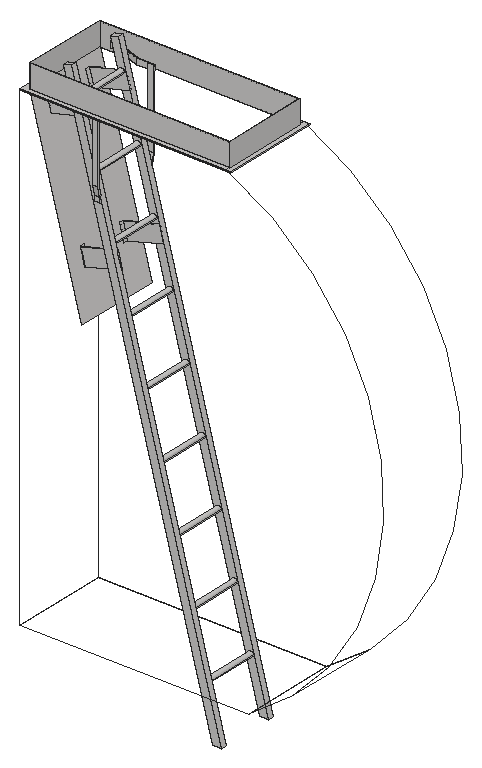
Revit family "SpecEquip_SAYFA_Ladder_Vista Compact", category Specialty Equipment, Revit 2015
Parameters (values of type "3100mm Floor to Ceiling Height")
  URL = "http://www.sayfa.com.au/"
  Type Comments = "Vista Compact Ladder"  # constant formula
  Rung Width [instance] = 312 mm  # constant formula
  Rung Spacing [instance] = 300 mm  # constant formula
  Required Space [instance] = yes
  Open Ladder [instance] = not([Ceiling Ladder Closed/Open])  # yes
  Model = "LD462 Compact"  # constant formula
  Material_ANZRS = z_Sayfa_Metal_Steel
  Manufacturer_Overall Width [instance] = 1230 mm  # constant formula
  Manufacturer_URL__Product Specific = "http://sayfa.com.au/products/fold-down-ladder-systems/"
  Manufacturer_Spec Code = Model  # "LD462 Compact"
  Manufacturer_Overall Height [instance] = if([Floor to Ceiling Height (B)] < 2400 mm, 2400 mm, if([Floor to Ceiling Height (B)] > 3200 mm, 3200 mm, [Floor to Ceiling Height (B)]))  # 3100 mm
  Manufacturer_Overall Depth [instance] = 570 mm  # constant formula
  Manufacturer_Height From FFL [instance] = 0 mm
  Manufacturer = "Sayfa"  # constant formula
  Keynote = ""
  Description = "Vista Ladder Compact"  # constant formula
  CreatedBy_ANZRS = "UNIFI Labs"  # constant formula
  CreatedByURL_ANZRS = "http://www.unifilabs.com/"
  Ceiling Ladder Closed/Open [instance] = no
  Ceiling Thickness [instance] = 75 mm
  Ladder Offset (B1) [instance] = 266.5 mm + (Manufacturer_Overall Height / tan(75.00°))  # 1097.142 mm
  Floor to Ceiling Height (B) [instance] = 3100 mm
  Assembly Code = ""
  Array no [instance] = (Manufacturer_Overall Height - 300 mm) / Rung Spacing  # 9
Types (8, lengths in mm): name | Manufacturer_Overall Height | Ladder Offset (B1) | Floor to Ceiling Height (B) | Array no
  2700mm Floor to Ceiling Height | 2700 | 989.963 | 2700 | 8
  2400mm Floor to Ceiling Height | 2400 | 909.578 | 2400 | 7
  2500mm Floor to Ceiling Height | 2500 | 936.373 | 2500 | 7
  2600mm Floor to Ceiling Height | 2600 | 963.168 | 2600 | 8
  2800mm Floor to Ceiling Height | 2800 | 1016.758 | 2800 | 8
  2900mm Floor to Ceiling Height | 2900 | 1043.553 | 2900 | 9
  3000mm Floor to Ceiling Height | 3000 | 1070.348 | 3000 | 9
  3100mm Floor to Ceiling Height | 3100 | 1097.142 | 3100 | 9
Reference planes
  plane 1 "Back": y = -515
  plane 2 "Ref. Level": z = 0
  plane 3 "Center (Left/Right)": x = -440
  plane 4 "Top": z = 3100
  plane 5 "Bottom": z = 0
  plane 6 "Front": y = -1085
  plane 7 "Center (Front/Back)": y = -800
  plane 8 "Left": x = -1055
  plane 9 "Right": x = 175
  plane 10 "Ladder Reference": x = 42.142
  plane 11 "Ladder Offset 2": y = -644
  plane 12 "Ladder Offset 1": y = -956
  plane 13 "Bottom Trade": z = 300
  plane 14 "Trade Reference": x = -62.858
  plane 15 "Back Offset": y = -548
  plane 16 "Front Offset": y = -1052
  plane 17 "Top of Ceiling": z = 3175
  plane 18 "Top of Frame": z = 3233
Forms (mm)
  Sweep 1, solid, material "z_Sayfa_Metal_Steel" <- "Material_ANZRS", detail levels medium+fine
    path origin (0, 0, 3100) x (-1, 0, 0) y (0, -1, 0)
      loop
        line (-145, 545) -> (1025, 545) -> (1025, 1055) -> (-145, 1055) -> (-145, 545)
    profile origin (-440, -545, 3100) x (0, -1, 0) y (0, 0, 1)
      loop
        line (-30, 0) -> (-30, -3) -> (3, -3) -> (3, 133) -> (0, 133) -> (0, 0) -> (-30, 0)
  Extrusion 2, solid, material "z_Sayfa_Metal_Steel" <- "Material_ANZRS", visible <- "Open Ladder", detail levels medium+fine
    sketch origin (-1580.316, -956, 4000) x (-1, 0, 0) y (0, 0, -1)
      loop
        line (-1622.459, 4000) -> (-791.853, 900) -> (-740.089, 900) -> (-1570.695, 4000) -> (-1622.459, 4000)
    from 0 to 30
  Extrusion 3, solid, material "z_Sayfa_Metal_Steel" <- "Material_ANZRS", visible <- "Open Ladder", detail levels medium+fine
    sketch origin (-1580.316, -644, 4000) x (-1, 0, 0) y (0, 0, 1)
      loop
        line (-1622.459, -4000) -> (-1570.695, -4000) -> (-740.089, -900) -> (-791.853, -900) -> (-1622.459, -4000)
    from 0 to 30
  Extrusion 4, solid, material "z_Sayfa_Metal_Steel" <- "Material_ANZRS", visible <- "Open Ladder", detail levels medium+fine
    sketch origin (42.142, -800, 0) x (-0.258808, 0, 0.965929) y (-0.965929, 0, -0.258808)
      loop
        line (2100.564, 225.478) -> (3270.564, 225.478) -> (3270.564, 228.477) -> (2100.564, 228.477) -> (2100.564, 225.478)
    from -252 to 252
  Extrusion 5, solid, material "z_Sayfa_Metal_Steel" <- "Material_ANZRS", visible <- "Open Ladder", detail levels fine
    sketch origin (42.142, -800, 0) x (-0.258808, 0, 0.965929) y (-0.965929, 0, -0.258808)
      loop
        line (2450.564, 225.478) -> (2350.564, 225.478) -> (2350.564, 0) -> (2450.564, 0) -> (2450.564, 225.478)
      loop
        line (3209.347, 225.478) -> (3109.347, 225.478) -> (3109.347, 0) -> (3209.347, 0) -> (3209.347, 225.478)
    from 153 to 156
  Extrusion 6, solid, material "z_Sayfa_Metal_Steel" <- "Material_ANZRS", visible <- "Open Ladder", detail levels fine
    sketch origin (42.142, -800, 0) x (-0.258808, 0, 0.965929) y (-0.965929, 0, -0.258808)
      loop
        line (2450.564, 225.478) -> (2350.564, 225.478) -> (2350.564, 0) -> (2450.564, 0) -> (2450.564, 225.478)
      loop
        line (3209.347, 225.478) -> (3109.347, 225.478) -> (3109.347, 0) -> (3209.347, 0) -> (3209.347, 225.478)
    from -156 to -153
  Extrusion 7, solid, material "z_Sayfa_Metal_Steel" <- "Material_ANZRS", visible <- "Open Ladder", detail levels fine
    sketch origin (42.142, -800, 0) x (-0.258808, 0, 0.965929) y (-0.965929, 0, -0.258808)
      loop
        line (2350.564, 225.478) -> (2350.564, 222.478) -> (2450.564, 222.478) -> (2450.564, 225.478) -> (2350.564, 225.478)
      loop
        line (3109.347, 225.478) -> (3109.347, 222.478) -> (3209.347, 222.478) -> (3209.347, 225.478) -> (3109.347, 225.478)
    from 131 to 156
  Extrusion 8, solid, material "z_Sayfa_Metal_Steel" <- "Material_ANZRS", visible <- "Open Ladder", detail levels fine
    sketch origin (42.142, -800, 0) x (-0.258808, 0, 0.965929) y (-0.965929, 0, -0.258808)
      loop
        line (2350.564, 225.478) -> (2350.564, 222.478) -> (2450.564, 222.478) -> (2450.564, 225.478) -> (2350.564, 225.478)
      loop
        line (3109.347, 225.478) -> (3109.347, 222.478) -> (3209.347, 222.478) -> (3209.347, 225.478) -> (3109.347, 225.478)
    from -156 to -131
  Extrusion 9, solid, material "z_Sayfa_Metal_Steel" <- "Material_ANZRS", visible <- "Open Ladder", detail levels fine
    sketch origin (-1055, 0, 0) x (0, 1, 0) y (0, 0, 1)
      loop
        line (-989, 2600) -> (-986, 2600) -> (-986, 2630) -> (-1001, 2692.201) -> (-1001, 3150) -> (-1004, 3150) -> (-1004, 2691.806) -> (-989, 2629.605) -> (-989, 2600)
      loop
        line (-611, 2600) -> (-611, 2629.605) -> (-596, 2691.806) -> (-596, 3150) -> (-599, 3150) -> (-599, 2692.201) -> (-614, 2630) -> (-614, 2600) -> (-611, 2600)
    from 357.634 to 390.505
  Extrusion 10, solid, material "z_Sayfa_Metal_Steel" <- "Material_ANZRS", visible <- "Open Ladder", detail levels fine
    sketch origin (0, 0, 3100) x (-1, 0, 0) y (0, -1, 0)
      loop
        line (955, 1052) -> (896.165, 1052) -> (763.632, 1007) -> (664.495, 1007) -> (664.495, 1004) -> (763.632, 1004) -> (896.165, 1049) -> (955, 1049) -> (955, 1052)
      loop
        line (955, 548) -> (955, 551) -> (896.165, 551) -> (763.632, 596) -> (664.495, 596) -> (664.495, 593) -> (763.632, 593) -> (896.165, 548) -> (955, 548)
    from 17 to 50
  Extrusion 11, solid, material "z_Sayfa_Metal_Steel" <- "Material_ANZRS", visible <- "Open Ladder", detail levels medium+fine
    sketch origin (-1580.316, -956, 4000) x (-1, 0, 0) y (0, 0, -1)
      loop
        line (-791.853, 900) -> (-748.835, 739.446) -> (-700.538, 752.386) -> (-740.089, 900) -> (-791.853, 900)
    from 0 to 30
  Extrusion 12, solid, material "z_Sayfa_Metal_Steel" <- "Material_ANZRS", visible <- "Open Ladder", detail levels medium+fine
    sketch origin (-1580.316, -644, 4000) x (-1, 0, 0) y (0, 0, 1)
      loop
        line (-791.853, -900) -> (-740.089, -900) -> (-700.538, -752.386) -> (-748.835, -739.446) -> (-791.853, -900)
    from 0 to 30
  Extrusion 13, solid, material "z_Sayfa_Metal_Steel" <- "Material_ANZRS", visible <- "Ceiling Ladder Closed/Open", detail levels medium+fine
    sketch origin (0, 0, 3100) x (-1, 0, 0) y (0, -1, 0)
      loop
        line (1022, 548) -> (1022, 1052) -> (-142, 1052) -> (-142, 548) -> (1022, 548)
    from -3 to 0
  Extrusion 14, solid, material "z_Sayfa_Metal_Steel" <- "Material_ANZRS", visible <- "Ceiling Ladder Closed/Open", detail levels medium+fine
    sketch origin (0, 0, 3100) x (-1, 0, 0) y (0, -1, 0)
      loop
        line (1006.259, 644) -> (-127, 644) -> (-127, 614) -> (1006.259, 614) -> (1006.259, 644)
    from 295 to 345
  Extrusion 15, solid, material "z_Sayfa_Metal_Steel" <- "Material_ANZRS", visible <- "Ceiling Ladder Closed/Open", detail levels medium+fine
    sketch origin (0, 0, 3100) x (-1, 0, 0) y (0, -1, 0)
      loop
        line (1006.259, 644) -> (-127, 644) -> (-127, 614) -> (1006.259, 614) -> (1006.259, 644)
    from 235 to 285
  Extrusion 16, solid, material "z_Sayfa_Metal_Steel" <- "Material_ANZRS", visible <- "Ceiling Ladder Closed/Open", detail levels medium+fine
    sketch origin (0, 0, 3100) x (-1, 0, 0) y (0, -1, 0)
      loop
        line (1006.259, 644) -> (-127, 644) -> (-127, 614) -> (1006.259, 614) -> (1006.259, 644)
    from 175 to 225
  Extrusion 17, solid, material "z_Sayfa_Metal_Steel" <- "Material_ANZRS", visible <- "Ceiling Ladder Closed/Open", detail levels medium+fine
    sketch origin (0, -1600, 3100) x (-1, 0, 0) y (0, -1, 0)
      loop
        line (1006.259, -644) -> (1006.259, -614) -> (-127, -614) -> (-127, -644) -> (1006.259, -644)
    from 295 to 345
  Extrusion 18, solid, material "z_Sayfa_Metal_Steel" <- "Material_ANZRS", visible <- "Ceiling Ladder Closed/Open", detail levels medium+fine
    sketch origin (0, -1600, 3100) x (-1, 0, 0) y (0, -1, 0)
      loop
        line (1006.259, -644) -> (1006.259, -614) -> (-127, -614) -> (-127, -644) -> (1006.259, -644)
    from 235 to 285
  Extrusion 19, solid, material "z_Sayfa_Metal_Steel" <- "Material_ANZRS", visible <- "Ceiling Ladder Closed/Open", detail levels medium+fine
    sketch origin (0, -1600, 3100) x (-1, 0, 0) y (0, -1, 0)
      loop
        line (1006.259, -644) -> (1006.259, -614) -> (-127, -614) -> (-127, -644) -> (1006.259, -644)
    from 175 to 225
  Extrusion 20, solid, material "z_Sayfa_Metal_Steel" <- "Material_ANZRS", visible <- "Ceiling Ladder Closed/Open", detail levels medium+fine
    sketch origin (0, -800, 0) x (1, 0, 0) y (0, 0, 1)
      loop
        line (42.142, 3315) -> (37.271, 3315)
        arc (37.271, 3315) -> (22.271, 3300) -> (37.271, 3285) r 15
        line (37.271, 3285) -> (42.142, 3285) -> (42.142, 3315)
      loop
        line (-440, 3315) -> (-444.872, 3315)
        arc (-444.872, 3315) -> (-459.872, 3300) -> (-444.872, 3285) r 15
        line (-444.872, 3285) -> (-440, 3285) -> (-440, 3315)
      loop
        line (-740, 3315) -> (-744.872, 3315)
        arc (-744.872, 3315) -> (-759.872, 3300) -> (-744.872, 3285) r 15
        line (-744.872, 3285) -> (-740, 3285) -> (-740, 3315)
      loop
        line (42.142, 3375) -> (37.271, 3375)
        arc (37.271, 3375) -> (22.271, 3360) -> (37.271, 3345) r 15
        line (37.271, 3345) -> (42.142, 3345) -> (42.142, 3375)
      loop
        line (-440, 3375) -> (-444.872, 3375)
        arc (-444.872, 3375) -> (-459.872, 3360) -> (-444.872, 3345) r 15
        line (-444.872, 3345) -> (-440, 3345) -> (-440, 3375)
      loop
        line (-740, 3375) -> (-744.872, 3375)
        arc (-744.872, 3375) -> (-759.872, 3360) -> (-744.872, 3345) r 15
        line (-744.872, 3345) -> (-740, 3345) -> (-740, 3375)
      loop
        line (42.142, 3435) -> (37.271, 3435)
        arc (37.271, 3435) -> (22.271, 3420) -> (37.271, 3405) r 15
        line (37.271, 3405) -> (42.142, 3405) -> (42.142, 3435)
      loop
        line (-440, 3435) -> (-444.872, 3435)
        arc (-444.872, 3435) -> (-459.872, 3420) -> (-444.872, 3405) r 15
        line (-444.872, 3405) -> (-440, 3405) -> (-440, 3435)
      loop
        line (-740, 3435) -> (-744.872, 3435)
        arc (-744.872, 3435) -> (-759.872, 3420) -> (-744.872, 3405) r 15
        line (-744.872, 3405) -> (-740, 3405) -> (-740, 3435)
    from -156 to 156
  Extrusion 21, solid, material "z_Sayfa_Metal_Steel" <- "Material_ANZRS", visible <- "Ceiling Ladder Closed/Open", detail levels fine
    sketch origin (-1055, 0, 0) x (0, 1, 0) y (0, 0, 1)
      loop
        line (-644, 3325) -> (-647, 3325) -> (-647, 3103) -> (-669, 3103) -> (-669, 3100) -> (-644, 3100) -> (-644, 3325)
      loop
        line (-956, 3325) -> (-956, 3100) -> (-931, 3100) -> (-931, 3103) -> (-953, 3103) -> (-953, 3325) -> (-956, 3325)
    from 91 to 191
  Extrusion 22, solid, material "z_Sayfa_Metal_Steel" <- "Material_ANZRS", visible <- "Ceiling Ladder Closed/Open", detail levels fine
    sketch origin (-1055, 0, 0) x (0, 1, 0) y (0, 0, 1)
      loop
        line (-644, 3325) -> (-647, 3325) -> (-647, 3103) -> (-669, 3103) -> (-669, 3100) -> (-644, 3100) -> (-644, 3325)
      loop
        line (-956, 3325) -> (-956, 3100) -> (-931, 3100) -> (-931, 3103) -> (-953, 3103) -> (-953, 3325) -> (-956, 3325)
    from 784.963 to 884.963
  Extrusion 23, solid, material "z_Sayfa_Metal_Steel" <- "Material_ANZRS", visible <- "Ceiling Ladder Closed/Open", detail levels fine
    sketch origin (-1055, 0, 0) x (0, 1, 0) y (0, 0, 1)
      loop
        line (-548, 3117) -> (-548, 3175.835) -> (-593, 3308.368) -> (-593, 3407.505) -> (-596, 3407.505) -> (-596, 3308.368) -> (-551, 3175.835) -> (-551, 3117) -> (-548, 3117)
      loop
        line (-1052, 3117) -> (-1049, 3117) -> (-1049, 3175.835) -> (-1004, 3308.368) -> (-1004, 3407.505) -> (-1007, 3407.505) -> (-1007, 3308.368) -> (-1052, 3175.835) -> (-1052, 3117)
    from 100 to 133
  Extrusion 24, solid, material "z_Sayfa_Metal_Steel" <- "Material_ANZRS", visible <- "Ceiling Ladder Closed/Open", detail levels fine
    sketch origin (0, 0, 3100) x (-1, 0, 0) y (0, -1, 0)
      loop
        line (405, 611) -> (434.605, 611) -> (496.806, 596) -> (955, 596) -> (955, 599) -> (497.201, 599) -> (435, 614) -> (405, 614) -> (405, 611)
      loop
        line (405, 989) -> (405, 986) -> (435, 986) -> (497.201, 1001) -> (955, 1001) -> (955, 1004) -> (496.806, 1004) -> (434.605, 989) -> (405, 989)
    from 274.505 to 307.505
  Extrusion 25, solid, material "z_Sayfa_Required Space", visible <- "Required Space"
    sketch origin (0, -800, 0) x (1, 0, 0) y (0, 0, 1)
      loop
        line (-1055, 3100) -> (-1055, 300) -> (275.362, 300)
        arc (275.362, 300) -> (1068.198, 1739.947) -> (145, 3100) r 1572.879
        line (145, 3100) -> (-1055, 3100)
    from -285 to 285
  Extrusion 26, solid, material "z_Sayfa_Metal_Steel" <- "Material_ANZRS", visible <- "Open Ladder", detail levels coarse
    sketch origin (-1580.316, -956, 4000) x (-1, 0, 0) y (0, 0, -1)
      loop
        line (-1622.453, 4000) -> (-791.853, 900) -> (-740.089, 900) -> (-1570.689, 4000) -> (-1622.453, 4000)
    from -342 to 30
  Extrusion 27, solid, material "z_Sayfa_Metal_Steel" <- "Material_ANZRS", visible <- "Ceiling Ladder Closed/Open", detail levels coarse
    sketch origin (0, 0, 3100) x (-1, 0, 0) y (0, -1, 0)
      loop
        line (1006.259, 986) -> (-127, 986) -> (-127, 614) -> (1006.259, 614) -> (1006.259, 986)
    from 175 to 345
  Extrusion 28, solid, material "z_Sayfa_Metal_Steel" <- "Material_ANZRS", detail levels coarse
    sketch origin (0, 0, 3100) x (-1, 0, 0) y (0, -1, 0)
      loop
        line (1022, 548) -> (1022, 1052) -> (-142, 1052) -> (-142, 548) -> (1022, 548)
    from 0 to 133
  Extrusion 29, void
    sketch origin (0, -800, 0) x (1, 0, 0) y (0, 0, 1)
      loop
        line (-1025, 3233) -> (-1025, 3100) -> (145, 3100) -> (145, 3233) -> (-1025, 3233)
    from -255 to 255
Cuts and joins
  joined: Extrusion 6, Extrusion 8
  joined: Extrusion 5, Extrusion 7
  joined: Extrusion 2, Extrusion 11
  joined: Extrusion 3, Extrusion 12
Lines and regions (mm)
  Masking region 1
    outline origin (0, 0, 300) x (-1, 0, 0) y (0, -1, 0)
      loop
        line (-175, 515) -> (1055, 515) -> (1055, 1085) -> (-175, 1085) -> (-175, 515)
  reference lines
    curve 1: line (42.142, -800, 0) -> (-788.463, -800, 3100)
  symbolic lines, style "Ladder - Plan - Floor to Ceiling Ladder", visible <- "Open Ladder", detail levels fine
    curve 2: line (-1022, -548, 3100) -> (142, -548, 3100)
    curve 3: line (142, -548, 3100) -> (142, -1052, 3100)
    curve 4: line (142, -1052, 3100) -> (-1022, -1052, 3100)
    curve 5: line (-1022, -1052, 3100) -> (-1022, -548, 3100)
    curve 7: line (-879.778, -614, 3100) -> (-879.778, -644, 3100)
    curve 8: line (-831.481, -644, 3100) -> (-831.481, -614, 3100)
    curve 10: line (-1006.259, -644, 3100) -> (-1006.259, -669, 3100)
    curve 11: line (-1003.361, -669, 3100) -> (-1003.361, -647, 3100)
    curve 12: line (-1003.361, -647, 3100) -> (-566.204, -647, 3100)
    curve 13: line (-977.48, -647, 3100) -> (-977.48, -669, 3100)
    curve 14: line (-1006.259, -669, 3100) -> (-977.48, -669, 3100)
    curve 15: line (42.142, -614, 3100) -> (42.142, -644, 3100)
    curve 16: line (-566.204, -647, 3100) -> (-566.204, -644, 3100)
    curve 17: line (-1006.259, -956, 3100) -> (-1006.259, -931, 3100)
    curve 18: line (-1003.361, -931, 3100) -> (-1003.361, -953, 3100)
    curve 19: line (-1003.361, -953, 3100) -> (-566.204, -953, 3100)
    curve 20: line (-977.48, -953, 3100) -> (-977.48, -931, 3100)
    curve 21: line (-1006.259, -931, 3100) -> (-977.48, -931, 3100)
    curve 22: line (-566.204, -953, 3100) -> (-566.204, -956, 3100)
    curve 24: line (-879.778, -986, 3100) -> (-879.778, -956, 3100)
    curve 25: line (-831.481, -956, 3100) -> (-831.481, -986, 3100)
    curve 27: line (42.142, -986, 3100) -> (42.142, -956, 3100)
    curve 28: line (-719.298, -548, 3100) -> (-719.298, -593, 3100)
    curve 29: line (145, -545, 3100) -> (-1025, -545, 3100)
    curve 30: line (-1025, -545, 3100) -> (-1025, -1055, 3100)
    curve 31: line (145, -1055, 3100) -> (145, -545, 3100)
    curve 32: line (-1025, -1055, 3100) -> (145, -1055, 3100)
    curve 33: line (-955, -551, 3100) -> (-896.165, -551, 3100)
    curve 34: line (-955, -548, 3100) -> (-955, -551, 3100)
    curve 35: line (-763.632, -593, 3100) -> (-896.165, -548, 3100)
    curve 36: line (-896.165, -551, 3100) -> (-763.632, -596, 3100)
    curve 37: line (-719.298, -596, 3100) -> (-719.298, -614, 3100)
    curve 38: line (-719.298, -1052, 3100) -> (-719.298, -1007, 3100)
    curve 39: line (-955, -1049, 3100) -> (-896.165, -1049, 3100)
    curve 40: line (-955, -1052, 3100) -> (-955, -1049, 3100)
    curve 41: line (-763.632, -1007, 3100) -> (-896.165, -1052, 3100)
    curve 42: line (-896.165, -1049, 3100) -> (-763.632, -1004, 3100)
    curve 43: line (-719.298, -1004, 3100) -> (-719.298, -986, 3100)
    curve 44: line (-664.495, -593, 3100) -> (-763.632, -593, 3100)
    curve 45: line (-763.632, -596, 3100) -> (-664.495, -596, 3100)
    curve 46: line (-664.495, -593, 3100) -> (-664.495, -614, 3100)
    curve 47: line (-697.366, -596, 3100) -> (-697.366, -614, 3100)
    curve 48: line (-697.366, -599, 3100) -> (-664.495, -599, 3100)
    curve 49: line (-763.632, -1007, 3100) -> (-664.495, -1007, 3100)
    curve 50: line (-664.495, -1004, 3100) -> (-763.632, -1004, 3100)
    curve 51: line (-664.495, -1007, 3100) -> (-664.495, -986, 3100)
    curve 52: line (-697.366, -1004, 3100) -> (-697.366, -986, 3100)
    curve 53: line (-697.366, -1001, 3100) -> (-664.495, -1001, 3100)
  symbolic lines, style "Ladder - Plan - Floor to Ceiling Ladder", detail levels fine
    curve 6: line (42.142, -614, 3100) -> (-879.778, -614, 3100)
    curve 9: line (42.142, -644, 3100) -> (-1006.259, -644, 3100)
    curve 23: line (42.142, -986, 3100) -> (-879.778, -986, 3100)
    curve 26: line (42.142, -956, 3100) -> (-1006.259, -956, 3100)
  symbolic lines, style "Ladder - Plan - Floor to Ceiling Ladder", detail levels coarse+medium
    curve 54: line (-1055, -515, 3100) -> (175, -1085, 3100)
    curve 55: line (-1055, -1085, 3100) -> (175, -515, 3100)
  symbolic lines, style "Ladder - Plan - Floor to Ceiling Ladder", visible <- "Ceiling Ladder Closed/Open", detail levels fine
    curve 56: line (-879.778, -614, 3100) -> (-1006.259, -614, 3100)
    curve 57: line (-1006.259, -614, 3100) -> (-1006.259, -644, 3100)
    curve 58: line (-879.778, -986, 3100) -> (-1006.259, -986, 3100)
    curve 59: line (-1006.259, -986, 3100) -> (-1006.259, -956, 3100)
    curve 60: line (42.142, -614, 3100) -> (127, -614, 3100)
    curve 61: line (127, -614, 3100) -> (127, -644, 3100)
    curve 62: line (127, -644, 3100) -> (42.142, -644, 3100)
    curve 63: line (42.142, -986, 3100) -> (127, -986, 3100)
    curve 64: line (127, -986, 3100) -> (127, -956, 3100)
    curve 65: line (127, -956, 3100) -> (42.142, -956, 3100)
    curve 66: line (-740, -644, 3100) -> (-740, -956, 3100)
    curve 67: line (-759.872, -644, 3100) -> (-759.872, -956, 3100)
    curve 68: line (-440, -644, 3100) -> (-440, -956, 3100)
    curve 69: line (-459.872, -644, 3100) -> (-459.872, -956, 3100)
    curve 70: line (42.142, -644, 3100) -> (42.142, -956, 3100)
    curve 71: line (22.271, -644, 3100) -> (22.271, -956, 3100)
Text (mm)
  text "Disclaimer:\n\nDue to ongoing product development and manufacturing evolution, product details are subject to change without notice. Please refer to product technical data sheets on www.sayfa.com.au for the most current product information. Please allow a +/- 5mm tolerance for dimensions and set-outs shown in product literature.\n\n© 2018 Sayfa Australia" at (994.555, -480.933, 0), in view "Ref. Level_Instruction"
Dimensions and locks
  "Manufacturer_Overall Width": plane 8 "Left" to plane 9 "Right"
  equal spacing: plane 6 "Front", plane 7 "Center (Front/Back)", plane 1 "Back"
  "Manufacturer_Overall Depth": plane 6 "Front" to plane 1 "Back"
  equal spacing: plane 8 "Left", plane 3 "Center (Left/Right)", plane 9 "Right"
  "Manufacturer_Height From FFL": plane 5 "Bottom" to plane 2 "Ref. Level"
  "Manufacturer_Overall Height": plane 4 "Top" to plane 5 "Bottom"
  equal spacing: plane 11 "Ladder Offset 2", plane 7 "Center (Front/Back)", plane 12 "Ladder Offset 1"
  "Rung Width": plane 11 "Ladder Offset 2" to plane 12 "Ladder Offset 1"
  "Ladder Offset (B1)": plane 8 "Left" to plane 10 "Ladder Reference"
  locked: plane 13 "Bottom Trade" to plane 5 "Bottom" at 300
  equal spacing: group 2, group 9, group 8, group 7, group 6, group 5, group 4, group 3, group 1
  equal spacing: group 1, group 3, group 4, group 5, group 6, group 7, group 8, group 9, group 2  (x2)
  plane 11 "Ladder Offset 2" to Extrusion 6 to Extrusion 8 = 3 mm locked, 22 mm locked
  plane 12 "Ladder Offset 1" to Extrusion 5 to Extrusion 7 = 3 mm locked, 22 mm locked
  locked: plane 14 "Trade Reference" to plane 10 "Ladder Reference" at 105
  locked: plane 15 "Back Offset" to plane 1 "Back" at 33
  locked: plane 6 "Front" to plane 16 "Front Offset" at 33
  locked: plane 18 "Top of Frame" to plane 17 "Top of Ceiling" at 58
  "Ceiling Thickness": plane 17 "Top of Ceiling" to plane 4 "Top"
  aligned and locked: level to plane 2 "Ref. Level"
  aligned and locked: plane 10 "Ladder Reference" to curve 1
  aligned and locked: plane 5 "Bottom" to curve 1
  aligned and locked: plane 4 "Top" to curve 1
  aligned and locked: plane 13 "Bottom Trade" to nested 1
  aligned and locked: nested 1 to plane 14 "Trade Reference"
  aligned and locked: plane 4 "Top" to nested 2
  aligned and locked: plane 4 "Top" to Extrusion 4 sketch curve
  aligned and locked: plane 11 "Ladder Offset 2" to Extrusion 6
  aligned and locked: plane 12 "Ladder Offset 1" to Extrusion 5
  aligned and locked: plane 11 "Ladder Offset 2" to Extrusion 8
  aligned and locked: plane 12 "Ladder Offset 1" to Extrusion 7
  aligned and locked: Extrusion 10 sketch curve to Extrusion 9
  aligned and locked: plane 15 "Back Offset" to Extrusion 4
  aligned and locked: plane 16 "Front Offset" to Extrusion 4
  aligned and locked: plane 5 "Bottom" to Extrusion 2 sketch curve
  aligned and locked: plane 10 "Ladder Reference" to Extrusion 2 sketch curve
  aligned and locked: plane 5 "Bottom" to Extrusion 3 sketch curve
  aligned and locked: plane 10 "Ladder Reference" to Extrusion 3 sketch curve
  aligned and locked: plane 11 "Ladder Offset 2" to Extrusion 20
  aligned and locked: plane 12 "Ladder Offset 1" to Extrusion 20
  aligned and locked: Extrusion 25 to plane 1 "Back"
  aligned and locked: plane 6 "Front" to Extrusion 25
  aligned and locked: cut or joined group of Extrusion 2, Extrusion 11 to Extrusion 26 sketch curve  (x2)
  aligned and locked: Extrusion 26 sketch curve to cut or joined group of Extrusion 2, Extrusion 11
  aligned and locked: Extrusion 28 to plane 4 "Top"
  aligned and locked: Sweep 1 to Extrusion 28
  aligned and locked: Sweep 1 sketch curve to plane 18 "Top of Frame"
  aligned and locked: Extrusion 26 sketch curve to plane 4 "Top"
  aligned and locked: Extrusion 29 sketch curve to Sweep 1  (x3)
  aligned and locked: Sweep 1 to Extrusion 29 sketch curve
  aligned and locked: Extrusion 29 to Sweep 1  (x2)
Automatic sketch dimensions
  plane 8 "Left" to curve 1 = 266.537 mm
  Extrusion 4 sketch curve to curve 1 = 225.478 mm
  Extrusion 4 sketch curve to curve 1 = 1108.783 mm
  curve 1 to Extrusion 4 sketch curve = 61.217 mm
  Extrusion 5 sketch curve to curve 1 = 0 mm  (x2)
  curve 1 to Extrusion 5 sketch curve = 0 mm
  curve 1 to Extrusion 5 sketch curve = 225.478 mm
  Extrusion 5 sketch curve to Extrusion 5 sketch curve = 100 mm  (x2)
  Extrusion 5 sketch curve to curve 1 = 225.478 mm
  Extrusion 5 sketch curve to Extrusion 5 sketch curve = 658.783 mm
  Extrusion 6 sketch curve to curve 1 = 0 mm  (x2)
  curve 1 to Extrusion 6 sketch curve = 0 mm
  curve 1 to Extrusion 6 sketch curve = 225.478 mm
  Extrusion 6 sketch curve to Extrusion 6 sketch curve = 100 mm  (x2)
  Extrusion 6 sketch curve to curve 1 = 225.478 mm
  Extrusion 6 sketch curve to Extrusion 6 sketch curve = 658.783 mm
  curve 1 to Extrusion 7 sketch curve = 0 mm
  curve 1 to Extrusion 7 sketch curve = 222.478 mm
  curve 1 to Extrusion 7 sketch curve = 225.478 mm
  Extrusion 7 sketch curve to Extrusion 7 sketch curve = 100 mm  (x2)
  Extrusion 7 sketch curve to curve 1 = 225.478 mm
  Extrusion 7 sketch curve to Extrusion 7 sketch curve = 658.783 mm
  Extrusion 7 sketch curve to Extrusion 7 sketch curve = 3 mm
  curve 1 to Extrusion 8 sketch curve = 0 mm
  curve 1 to Extrusion 8 sketch curve = 222.478 mm
  curve 1 to Extrusion 8 sketch curve = 225.478 mm
  Extrusion 8 sketch curve to Extrusion 8 sketch curve = 100 mm  (x2)
  Extrusion 8 sketch curve to curve 1 = 225.478 mm
  Extrusion 8 sketch curve to Extrusion 8 sketch curve = 658.783 mm
  Extrusion 8 sketch curve to Extrusion 8 sketch curve = 3 mm
  Extrusion 20 sketch curve to plane 3 "Center (Left/Right)" = 0 mm  (x3)
  plane 10 "Ladder Reference" to Extrusion 20 sketch curve = 0 mm  (x3)
  Extrusion 20 sketch curve to Extrusion 20 sketch curve = 4.872 mm  (x6)
  Extrusion 20 sketch curve to Extrusion 20 sketch curve = 295.128 mm
  Extrusion 20 sketch curve to Extrusion 20 sketch curve = 0 mm  (x2)
  plane 10 "Ladder Reference" to Extrusion 20 sketch curve = 4.872 mm  (x3)
  plane 4 "Top" to Extrusion 20 sketch curve = 185 mm  (x3)
  Extrusion 20 sketch curve to Extrusion 20 sketch curve = 15 mm  (x9)
  Extrusion 20 sketch curve to Extrusion 20 sketch curve = 30 mm  (x6)
  plane 6 "Front" to curve 54 = 0 mm
  curve 54 to plane 9 "Right" = 0 mm
  plane 1 "Back" to curve 55 = 0 mm
  curve 55 to plane 9 "Right" = 0 mm
  plane 16 "Front Offset" to curve 3 = 0 mm
  curve 3 to plane 15 "Back Offset" = 0 mm
  curve 61 to plane 11 "Ladder Offset 2" = 0 mm
  plane 12 "Ladder Offset 1" to curve 65 = 0 mm
  curve 65 to plane 10 "Ladder Reference" = 0 mm
  curve 68 to plane 3 "Center (Left/Right)" = 0 mm
  plane 1 "Back" to curve 54 = 0 mm
  curve 54 to plane 8 "Left" = 0 mm
  plane 6 "Front" to curve 55 = 0 mm
  curve 55 to plane 8 "Left" = 0 mm
  plane 15 "Back Offset" to curve 29 = 3 mm
  plane 9 "Right" to curve 29 = 30 mm
  curve 31 to curve 3 = 3 mm
  plane 9 "Right" to curve 61 = 48 mm
  plane 9 "Right" to curve 63 = 48 mm
  curve 12 to plane 11 "Ladder Offset 2" = 3 mm
  curve 12 to plane 3 "Center (Left/Right)" = 126.204 mm
  curve 19 to plane 12 "Ladder Offset 1" = 3 mm
  curve 19 to plane 3 "Center (Left/Right)" = 126.204 mm
  curve 51 to plane 16 "Front Offset" = 45 mm
  curve 22 to curve 51 = 98.291 mm
  curve 46 to plane 15 "Back Offset" = 45 mm
  curve 16 to curve 46 = 98.291 mm
  curve 44 to curve 35 = 99.137 mm
  curve 49 to curve 49 = 99.137 mm
  plane 11 "Ladder Offset 2" to curve 36 = 48 mm
  curve 36 to curve 35 = 0 mm
  curve 50 to curve 41 = 0 mm
  plane 12 "Ladder Offset 1" to curve 58 = 30 mm
  curve 42 to curve 58 = 116.146 mm
  plane 11 "Ladder Offset 2" to curve 56 = 30 mm
  curve 36 to curve 56 = 116.146 mm
  curve 36 to plane 15 "Back Offset" = 3 mm
  curve 6 to curve 36 = 16.387 mm
  curve 42 to plane 16 "Front Offset" = 3 mm
  curve 23 to curve 42 = 16.387 mm
  curve 33 to curve 34 = 58.835 mm
  curve 39 to curve 40 = 58.835 mm
  curve 20 to plane 12 "Ladder Offset 1" = 25 mm
  plane 8 "Left" to curve 20 = 77.52 mm
  curve 13 to plane 11 "Ladder Offset 2" = 25 mm
  plane 8 "Left" to curve 13 = 77.52 mm
  curve 13 to curve 11 = 25.881 mm
  curve 20 to curve 19 = 25.881 mm
  curve 11 to curve 56 = 2.898 mm
  curve 18 to curve 26 = 2.898 mm
  plane 8 "Left" to curve 5 = 33 mm
  curve 2 to curve 29 = 3 mm
  curve 50 to curve 41 = 3 mm
  plane 16 "Front Offset" to curve 31 = 3 mm
  curve 9 to curve 71 = 19.872 mm
  curve 68 to curve 69 = 19.872 mm
  curve 51 to curve 52 = 32.871 mm
  curve 45 to curve 47 = 32.871 mm
  curve 47 to curve 28 = 21.933 mm
  curve 52 to curve 43 = 21.933 mm
  curve 38 to curve 43 = 0 mm
  curve 37 to curve 28 = 0 mm
  curve 43 to curve 66 = 20.702 mm
  curve 66 to curve 67 = 19.872 mm
  curve 8 to curve 7 = 48.297 mm
  curve 25 to curve 24 = 48.297 mm
  curve 35 to curve 33 = 0 mm
  curve 41 to curve 39 = 0 mm
  curve 45 to curve 48 = 3 mm
  curve 53 to curve 52 = 3 mm
  plane 15 "Back Offset" to Sweep 1 sketch curve = 3 mm
  plane 9 "Right" to Sweep 1 sketch curve = 30 mm
  plane 16 "Front Offset" to Sweep 1 sketch curve = 3 mm
  plane 8 "Left" to Sweep 1 sketch curve = 30 mm
  Sweep 1 sketch curve to plane 4 "Top" = 0 mm
  Sweep 1 sketch curve to profile plane = 0 mm
  Sweep 1 sketch curve to plane 4 "Top" = 3 mm
  profile plane to Sweep 1 sketch curve = 30 mm
  Sweep 1 sketch curve to profile plane = 3 mm
  Extrusion 2 sketch curve to plane 4 "Top" = 0 mm
  Extrusion 2 sketch curve to plane 10 "Ladder Reference" = 51.764 mm
  Extrusion 2 sketch curve to plane 8 "Left" = 266.537 mm
  Extrusion 2 sketch curve to Extrusion 2 sketch curve = 51.764 mm
  Extrusion 3 sketch curve to plane 4 "Top" = 0 mm
  Extrusion 3 sketch curve to Extrusion 3 sketch curve = 51.764 mm  (x2)
  plane 8 "Left" to Extrusion 3 sketch curve = 266.537 mm
  plane 12 "Ladder Offset 1" to Extrusion 9 sketch curve = 48 mm
  Extrusion 9 sketch curve to Extrusion 9 sketch curve = 3 mm  (x4)
  plane 12 "Ladder Offset 1" to Extrusion 9 sketch curve = 33 mm
  plane 11 "Ladder Offset 2" to Extrusion 9 sketch curve = 30 mm
  plane 11 "Ladder Offset 2" to Extrusion 9 sketch curve = 45 mm
  Extrusion 9 sketch curve to plane 4 "Top" = 500 mm
  Extrusion 9 sketch curve to Extrusion 9 sketch curve = 0 mm
  Extrusion 9 sketch curve to Extrusion 9 sketch curve = 29.605 mm  (x2)
  Extrusion 9 sketch curve to Extrusion 9 sketch curve = 0.395 mm  (x4)
  Extrusion 9 sketch curve to Extrusion 9 sketch curve = 62.201 mm  (x2)
  plane 4 "Top" to Extrusion 9 sketch curve = 50 mm  (x2)
  Extrusion 10 sketch curve to plane 15 "Back Offset" = 0 mm
  plane 16 "Front Offset" to Extrusion 10 sketch curve = 0 mm
  Extrusion 10 sketch curve to plane 15 "Back Offset" = 45 mm
  Extrusion 10 sketch curve to plane 3 "Center (Left/Right)" = 224.495 mm
  Extrusion 10 sketch curve to Extrusion 10 sketch curve = 99.137 mm  (x2)
  plane 11 "Ladder Offset 2" to Extrusion 10 sketch curve = 48 mm
  Extrusion 10 sketch curve to Extrusion 10 sketch curve = 0 mm  (x4)
  plane 12 "Ladder Offset 1" to Extrusion 10 sketch curve = 48 mm
  Extrusion 10 sketch curve to plane 16 "Front Offset" = 45 mm
  Extrusion 10 sketch curve to plane 16 "Front Offset" = 3 mm
  Extrusion 10 sketch curve to Extrusion 10 sketch curve = 132.532 mm  (x2)
  Extrusion 10 sketch curve to plane 15 "Back Offset" = 3 mm
  Extrusion 10 sketch curve to Extrusion 10 sketch curve = 58.835 mm  (x2)
  Extrusion 11 sketch curve to plane 4 "Top" = 0 mm
  Extrusion 11 sketch curve to plane 8 "Left" = 266.537 mm
  Extrusion 11 sketch curve to Extrusion 11 sketch curve = 43.018 mm
  Extrusion 11 sketch curve to Extrusion 11 sketch curve = 51.764 mm
  Extrusion 11 sketch curve to plane 4 "Top" = 147.614 mm
  Extrusion 12 sketch curve to plane 4 "Top" = 0 mm
  plane 8 "Left" to Extrusion 12 sketch curve = 266.537 mm
  Extrusion 12 sketch curve to Extrusion 12 sketch curve = 43.018 mm
  Extrusion 12 sketch curve to Extrusion 12 sketch curve = 51.764 mm
  plane 4 "Top" to Extrusion 12 sketch curve = 147.614 mm
  Extrusion 13 sketch curve to plane 15 "Back Offset" = 0 mm
  plane 16 "Front Offset" to Extrusion 13 sketch curve = 0 mm
  plane 9 "Right" to Extrusion 13 sketch curve = 33 mm
  plane 8 "Left" to Extrusion 13 sketch curve = 33 mm
  Extrusion 14 sketch curve to plane 11 "Ladder Offset 2" = 0 mm
  plane 9 "Right" to Extrusion 14 sketch curve = 48 mm
  plane 8 "Left" to Extrusion 14 sketch curve = 48.741 mm
  Extrusion 14 sketch curve to Extrusion 14 sketch curve = 30 mm
  Extrusion 15 sketch curve to plane 11 "Ladder Offset 2" = 0 mm
  plane 9 "Right" to Extrusion 15 sketch curve = 48 mm
  plane 8 "Left" to Extrusion 15 sketch curve = 48.741 mm
  Extrusion 15 sketch curve to Extrusion 15 sketch curve = 30 mm
  Extrusion 16 sketch curve to plane 11 "Ladder Offset 2" = 0 mm
  plane 9 "Right" to Extrusion 16 sketch curve = 48 mm
  plane 8 "Left" to Extrusion 16 sketch curve = 48.741 mm
  Extrusion 16 sketch curve to Extrusion 16 sketch curve = 30 mm
  plane 12 "Ladder Offset 1" to Extrusion 17 sketch curve = 0 mm
  Extrusion 17 sketch curve to plane 9 "Right" = 48 mm
  Extrusion 17 sketch curve to plane 8 "Left" = 48.741 mm
  Extrusion 17 sketch curve to Extrusion 17 sketch curve = 30 mm
  plane 12 "Ladder Offset 1" to Extrusion 18 sketch curve = 0 mm
  Extrusion 18 sketch curve to plane 9 "Right" = 48 mm
  Extrusion 18 sketch curve to plane 8 "Left" = 48.741 mm
  Extrusion 18 sketch curve to Extrusion 18 sketch curve = 30 mm
  plane 12 "Ladder Offset 1" to Extrusion 19 sketch curve = 0 mm
  Extrusion 19 sketch curve to plane 9 "Right" = 48 mm
  Extrusion 19 sketch curve to plane 8 "Left" = 48.741 mm
  Extrusion 19 sketch curve to Extrusion 19 sketch curve = 30 mm
  Extrusion 21 sketch curve to plane 12 "Ladder Offset 1" = 0 mm
  Extrusion 21 sketch curve to plane 4 "Top" = 0 mm  (x2)
  Extrusion 21 sketch curve to plane 11 "Ladder Offset 2" = 0 mm
  Extrusion 21 sketch curve to plane 12 "Ladder Offset 1" = 3 mm
  plane 4 "Top" to Extrusion 21 sketch curve = 3 mm  (x2)
  Extrusion 21 sketch curve to Extrusion 21 sketch curve = 22 mm
  Extrusion 21 sketch curve to plane 11 "Ladder Offset 2" = 25 mm
  Extrusion 21 sketch curve to plane 11 "Ladder Offset 2" = 3 mm
  Extrusion 21 sketch curve to Extrusion 21 sketch curve = 222 mm  (x2)
  Extrusion 22 sketch curve to plane 12 "Ladder Offset 1" = 0 mm
  Extrusion 22 sketch curve to plane 4 "Top" = 0 mm  (x2)
  Extrusion 22 sketch curve to plane 11 "Ladder Offset 2" = 0 mm
  Extrusion 22 sketch curve to plane 12 "Ladder Offset 1" = 3 mm
  plane 4 "Top" to Extrusion 22 sketch curve = 3 mm  (x2)
  Extrusion 22 sketch curve to Extrusion 22 sketch curve = 22 mm
  Extrusion 22 sketch curve to plane 11 "Ladder Offset 2" = 25 mm
  Extrusion 22 sketch curve to plane 11 "Ladder Offset 2" = 3 mm
  Extrusion 22 sketch curve to Extrusion 22 sketch curve = 222 mm  (x2)
  Extrusion 23 sketch curve to plane 16 "Front Offset" = 0 mm
  Extrusion 23 sketch curve to plane 15 "Back Offset" = 0 mm
  Extrusion 23 sketch curve to Extrusion 23 sketch curve = 3 mm  (x4)
  Extrusion 23 sketch curve to plane 16 "Front Offset" = 45 mm
  plane 11 "Ladder Offset 2" to Extrusion 23 sketch curve = 48 mm
  plane 4 "Top" to Extrusion 23 sketch curve = 17 mm  (x2)
  Extrusion 23 sketch curve to Extrusion 23 sketch curve = 58.835 mm  (x2)
  Extrusion 23 sketch curve to Extrusion 23 sketch curve = 0 mm  (x4)
  Extrusion 23 sketch curve to Extrusion 23 sketch curve = 132.532 mm  (x2)
  Extrusion 23 sketch curve to Extrusion 23 sketch curve = 99.137 mm  (x2)
  plane 3 "Center (Left/Right)" to Extrusion 24 sketch curve = 35 mm  (x2)
  plane 3 "Center (Left/Right)" to Extrusion 24 sketch curve = 5.395 mm  (x2)
  Extrusion 24 sketch curve to Extrusion 24 sketch curve = 0.395 mm  (x4)
  Extrusion 24 sketch curve to plane 3 "Center (Left/Right)" = 56.806 mm  (x2)
  plane 12 "Ladder Offset 1" to Extrusion 24 sketch curve = 45 mm
  plane 8 "Left" to Extrusion 24 sketch curve = 100 mm  (x2)
  plane 11 "Ladder Offset 2" to Extrusion 24 sketch curve = 48 mm
  Extrusion 24 sketch curve to Extrusion 24 sketch curve = 3 mm  (x4)
  plane 11 "Ladder Offset 2" to Extrusion 24 sketch curve = 33 mm
  plane 12 "Ladder Offset 1" to Extrusion 24 sketch curve = 30 mm
  Extrusion 25 sketch curve to plane 3 "Center (Left/Right)" = 62.98 mm
  plane 4 "Top" to Extrusion 25 sketch curve = 0 mm
  Extrusion 25 sketch curve to plane 8 "Left" = 0 mm
  Extrusion 25 sketch curve to plane 13 "Bottom Trade" = 0 mm
  plane 9 "Right" to Extrusion 25 sketch curve = 30 mm
  Extrusion 25 sketch curve to plane 9 "Right" = 100.362 mm
  Extrusion 27 sketch curve to plane 11 "Ladder Offset 2" = 342 mm
  plane 9 "Right" to Extrusion 27 sketch curve = 48 mm
  plane 8 "Left" to Extrusion 27 sketch curve = 48.741 mm
  Extrusion 27 sketch curve to Extrusion 27 sketch curve = 372 mm
  Extrusion 28 sketch curve to plane 15 "Back Offset" = 0 mm
  plane 16 "Front Offset" to Extrusion 28 sketch curve = 0 mm
  plane 9 "Right" to Extrusion 28 sketch curve = 33 mm
  plane 8 "Left" to Extrusion 28 sketch curve = 33 mm
  plane 6 "Front" to Masking region 1 sketch curve = 0 mm
  Masking region 1 sketch curve to plane 9 "Right" = 0 mm
  Masking region 1 sketch curve to plane 8 "Left" = 0 mm
  plane 1 "Back" to Masking region 1 sketch curve = 0 mm
Nested families
  nested 1: "Trade" at (-62.858, -800, 300) x (0, 1, 0) z (0, 0, 1), Width <- "Rung Width", visible <- "Open Ladder", type "Trade"
    with Width 312 mm, Depth 30 mm
  nested 2: "Trade" at (-813.082, -800, 3080) x (0, 1, 0) z (0, 0, 1), Width <- "Rung Width", visible <- "Open Ladder", type "Trade"
    with Width 312 mm, Depth 30 mm
  nested 3: "Trade" at (-156.636, -800, 647.5) x (0, 1, 0) z (0, 0, 1), Width <- "Rung Width", visible <- "Open Ladder", type "Trade"
    with Width 312 mm, Depth 30 mm
  nested 4: "Trade" at (-250.414, -800, 995) x (0, 1, 0) z (0, 0, 1), Width <- "Rung Width", visible <- "Open Ladder", type "Trade"
    with Width 312 mm, Depth 30 mm
  nested 5: "Trade" at (-344.192, -800, 1342.5) x (0, 1, 0) z (0, 0, 1), Width <- "Rung Width", visible <- "Open Ladder", type "Trade"
    with Width 312 mm, Depth 30 mm
  nested 6: "Trade" at (-437.97, -800, 1690) x (0, 1, 0) z (0, 0, 1), Width <- "Rung Width", visible <- "Open Ladder", type "Trade"
    with Width 312 mm, Depth 30 mm
  nested 7: "Trade" at (-531.748, -800, 2037.5) x (0, 1, 0) z (0, 0, 1), Width <- "Rung Width", visible <- "Open Ladder", type "Trade"
    with Width 312 mm, Depth 30 mm
  nested 8: "Trade" at (-625.526, -800, 2385) x (0, 1, 0) z (0, 0, 1), Width <- "Rung Width", visible <- "Open Ladder", type "Trade"
    with Width 312 mm, Depth 30 mm
  nested 9: "Trade" at (-719.304, -800, 2732.5) x (0, 1, 0) z (0, 0, 1), Width <- "Rung Width", visible <- "Open Ladder", type "Trade"
    with Width 312 mm, Depth 30 mm
Definition of nested family "Trade"
  Parameters (values of type "Trade")
    Width [instance] = 312 mm
    Trade Finish = none
    Depth [instance] = 30 mm
    Default Elevation = 0 mm
  Reference planes
    plane 1 "Center (Front/Back)": y = 0
    plane 2: z = 0
    plane 3 "Center (Left/Right)": x = 0
    plane 4 "Back": y = 15
    plane 5 "Right": x = 156
    plane 6 "Left": x = -156
    plane 7: y = -15
    plane 8 "Top": z = 20
  Forms (mm)
    Extrusion 1, solid, material <- "Trade Finish", detail levels medium+fine
      sketch origin (-156, 0, 0) x (0, 1, 0) y (0, 0, 1)
        loop
          line (15, 0) -> (15, 4.872)
          arc (15, 4.872) -> (0, 19.872) -> (-15, 4.872) r 15
          line (-15, 4.872) -> (-15, 0) -> (15, 0)
      from 0 to 312
  Lines and regions (mm)
    symbolic lines, detail levels fine
      curve 1: line (-156, 0, 0) -> (156, 0, 0)
  Dimensions and locks
    equal spacing: plane 6 "Left", plane 3 "Center (Left/Right)", plane 5 "Right"
    "Width": plane 6 "Left" to plane 5 "Right"
    equal spacing: plane 4 "Back", plane 1 "Center (Front/Back)", plane 7
    "Depth": plane 4 "Back" to plane 7
    plane 8 "Top" to plane 2 = 20 mm
    aligned and locked: level to plane 2
    aligned and locked: plane 5 "Right" to Extrusion 1
    aligned and locked: Extrusion 1 to plane 6 "Left"
  Automatic sketch dimensions
    Extrusion 1 sketch curve to level = 0 mm
    level to Extrusion 1 sketch curve = 4.872 mm
    plane 7 to Extrusion 1 sketch curve = 0 mm
    plane 4 "Back" to Extrusion 1 sketch curve = 0 mm
    plane 1 "Center (Front/Back)" to curve 1 = 0 mm
    curve 1 to plane 6 "Left" = 0 mm
    curve 1 to plane 5 "Right" = 0 mm
